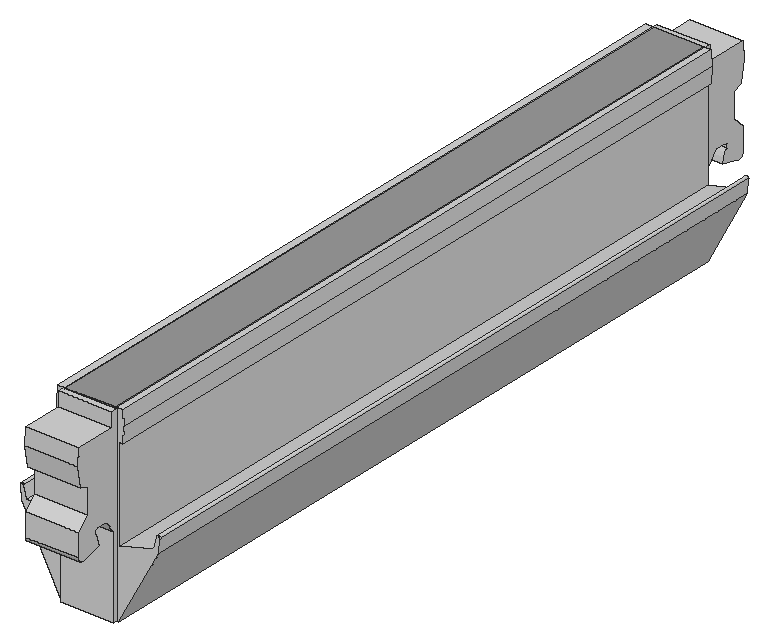
Revit family "CC4_BEAM CC W 0.75_1870150", category Generic Models, Revit 2018
Family settings
  Can host rebar = No
  Round Connector Dimension = Use Diameter
  Part Type = Normal
  OmniClass Number = 35.51.14.00
  OmniClass Title = FORMWORK
  Work Plane-Based = Yes
  Always vertical = No
  Cut with Voids When Loaded = No
  Shared = Yes
  Room Calculation Point = No
Parameters
  VERSION = "20190101"  # constant formula
  URL = "www.ulmaconstruction.com/en"
  UNICLASS = ""
  ITEM_CODE = "1870150"
  Manufacturer = "ULMA CONSTRUCTION"  # constant formula
  FILTER [instance] = ""
  Default Elevation = 0.000 mm
  CLASSIFICATION_TITLE = ""
  CLASSIFICATION_NUMBER = ""
Reference planes
  plane 1 "Centro (Frontal/Posterior)": y = 0
  plane 2: z = 0
  plane 3 "Centro (Izquierda/Derecha)": x = 0
  plane 4 "ITEM_LENGTH": y = 750
Forms (mm)
  Extrusion 1, solid, material "ULMA ZINC", detail levels fine
    sketch origin (0, 0, 0) x (1, 0, 0) y (0, 0, 1)
      loop
        line (-21, -21) -> (-26.845, -21) -> (-27.5, -33.498) -> (-27.282, -45.996) -> (-24.5, -45.996) -> (-24.5, -122.603) -> (-52.5, -115.1) -> (-55.064, -105.531)
        arc (-55.064, -105.531) -> (-56.805, -104.448) -> (-58, -106.115) r 1.5
        line (-58, -106.115) -> (-56.512, -117.419) -> (-24, -179.5) -> (24, -179.5) -> (56.512, -117.419) -> (58, -106.115)
        arc (58, -106.115) -> (56.805, -104.448) -> (55.064, -105.531) r 1.5
        line (55.064, -105.531) -> (52.5, -115.1) -> (24.5, -122.603) -> (24.5, -45.996) -> (27.282, -45.996) -> (27.5, -33.498) -> (26.845, -21) -> (21, -21) -> (21, -72) -> (-21, -72) -> (-21, -21)
    from -680 to -70
  Extrusion 2, solid, material "ULMA POLYPROPYLENE BLACK", detail levels medium+fine
    sketch origin (0, 0, 0) x (1, 0, 0) y (0, 0, 1)
      loop
        line (-21, -21) -> (-21, -72) -> (21, -72) -> (21, -21) -> (-21, -21)
    from -680 to -70
  Extrusion 3, solid, material "ULMA ZINC", detail levels fine
    sketch origin (0, 0, 0) x (0, 1, 0) y (0, 0, 1)
      loop
        line (70, -21.55) -> (65, -21.55) -> (65, -33.55) -> (30.241, -33.55) -> (30, -47.35) -> (33, -64.35) -> (40, -66.85) -> (40, -87.55) -> (30.844, -96.706) -> (30.844, -115.701)
        arc (30.844, -115.701) -> (32.409, -118.875) -> (35.88, -119.565) r 4
        line (35.88, -119.565) -> (51.009, -115.511)
        arc (51.009, -115.511) -> (50.156, -110.233) -> (47.791, -105.438) r 18.004
        arc (47.791, -105.438) -> (47.629, -102.853) -> (49.844, -101.511) r 2.5
        line (49.844, -101.511) -> (58.24, -101.511) -> (67, -111.951) -> (67, -179.45) -> (70, -179.45) -> (70, -21.55)
    from -22 to 22
  Extrusion 4, solid, material "ULMA ZINC", detail levels fine
    sketch origin (0, 0, 0) x (0, 1, 0) y (0, 0, 1)
      loop
        line (680, -21.55) -> (680, -179.45) -> (683, -179.45) -> (683, -111.951) -> (691.76, -101.511) -> (700.156, -101.511)
        arc (700.156, -101.511) -> (702.371, -102.853) -> (702.209, -105.438) r 2.5
        arc (702.209, -105.438) -> (699.844, -110.233) -> (698.991, -115.511) r 18.004
        line (698.991, -115.511) -> (714.12, -119.565)
        arc (714.12, -119.565) -> (717.591, -118.875) -> (719.156, -115.701) r 4
        line (719.156, -115.701) -> (719.156, -96.706) -> (710, -87.55) -> (710, -66.85) -> (717, -64.35) -> (720, -47.35) -> (719.759, -33.55) -> (685, -33.55) -> (685, -21.55) -> (680, -21.55)
    from -22 to 22
  Extrusion 5, solid, material "ULMA ZINC", detail levels medium
    sketch origin (0, 0, 0) x (1, 0, 0) y (0, 0, 1)
      loop
        line (-21, -21) -> (-58, -21) -> (-58, -179.5) -> (58, -179.5) -> (58, -21) -> (21, -21) -> (21, -72) -> (-21, -72) -> (-21, -21)
    from -680 to -70
  Extrusion 6, solid, material "ULMA ZINC", detail levels medium
    sketch origin (0, 0, 0) x (0, 1, 0) y (0, 0, 1)
      loop
        line (70, -33.55) -> (35, -33.55) -> (35, -118.55) -> (70, -118.55) -> (70, -33.55)
    from -22 to 22
  Extrusion 7, solid, material "ULMA ZINC", detail levels medium
    sketch origin (0, 0, 0) x (0, 1, 0) y (0, 0, 1)
      loop
        line (680, -33.55) -> (680, -118.55) -> (715, -118.55) -> (715, -33.55) -> (680, -33.55)
    from -22 to 22
Lines and regions (mm)
  model lines, style "ULMA BEAM CC W", detail levels coarse
    curve 1: line (0, 660, 0) -> (0, 90, 0)
    curve 2: line (-58, 570, 0) -> (-58, 180, 0)
    curve 3: line (58, 570, 0) -> (58, 180, 0)
Dimensions and locks
  plane 1 "Centro (Frontal/Posterior)" to plane 4 "ITEM_LENGTH" = 750.000 mm
  locked: plane 4 "ITEM_LENGTH" to plane 1 "Centro (Frontal/Posterior)" at 750
  aligned and locked: level to plane 2
